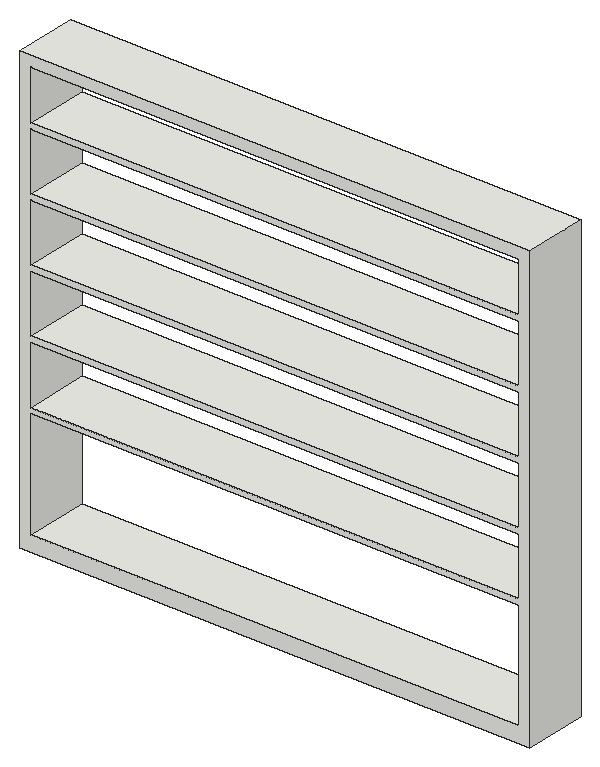
Revit family
Parameters (values of type "2440 x 0305 x 2134mm")
  깊이 = 305.00 mm
  높이 = 2134.00 mm
  재료 = 래미네이티드 플라스틱 - 아이보리색, 무광
  폭 = 2440.00 mm
Types (3, lengths in mm): name | 깊이 | 높이 | 재료 | 폭
  (no name) | 305.00 | 2134.00 | 래미네이티드 플라스틱 - 아이보리색, 무광 | 2440.00
  0915 x 0254 x 1830mm | 254.00 | 1830.00 | 목재 - 자작나무 | 915.00
  2440 x 0305 x 2134mm | 305.00 | 2134.00 | 래미네이티드 플라스틱 - 아이보리색, 무광 | 2440.00
Reference planes
  plane 1: y = -304.8
  plane 2: z = 0
  plane 3: x = 0
  plane 4 "뒤로": y = -152.3
  plane 5 "앞면": y = -457.3
  plane 6 "오른쪽": x = 1220
  plane 7 "왼쪽": x = -1220
  plane 8: z = 2134
  plane 9: x = -1169.2
  plane 10: x = 1169.2
  plane 11: x = -1220
  plane 12: x = 1220
  plane 13: z = 1524.286
  plane 14: z = 914.571
  plane 15: z = 304.857
  plane 16: z = 1829.143
  plane 17: z = 1219.429
  plane 18: z = 609.714
Forms (mm)
  Extrusion 1, solid, material "래미네이티드 플라스틱 - 아이보리색, 무광" <- "재료"
    sketch origin (0, 0, 0) x (1, 0, 0) y (0, 0, 1)
      loop
        line (-1220, 0) -> (1220, 0) -> (1220, 2134) -> (-1220, 2134) -> (-1220, 0)
      loop
        line (-1169.2, 2083.2) -> (-1169.2, 1841.843) -> (1169.2, 1841.843) -> (1169.2, 2083.2) -> (-1169.2, 2083.2)
      loop
        line (-1169.2, 76.2) -> (1169.2, 76.2) -> (1169.2, 597.014) -> (-1169.2, 597.014) -> (-1169.2, 76.2)
      loop
        line (1169.2, 1232.129) -> (1169.2, 1511.586) -> (-1169.2, 1511.586) -> (-1169.2, 1232.129) -> (1169.2, 1232.129)
      loop
        line (-1169.2, 1816.443) -> (-1169.2, 1536.986) -> (1169.2, 1536.986) -> (1169.2, 1816.443) -> (-1169.2, 1816.443)
      loop
        line (-1169.2, 1206.729) -> (-1169.2, 927.271) -> (1169.2, 927.271) -> (1169.2, 1206.729) -> (-1169.2, 1206.729)
      loop
        line (-1169.2, 901.871) -> (-1169.2, 622.414) -> (1169.2, 622.414) -> (1169.2, 901.871) -> (-1169.2, 901.871)
    from 152.3 to 457.3
Lines and regions (mm)
  Masking region 1
    outline origin (0, 0, 0) x (1, 0, 0) y (0, 1, 0)
      loop
        line (-1220, -152.3) -> (-1220, -457.3) -> (1220, -457.3) -> (1220, -152.3) -> (-1220, -152.3)
Dimensions and locks
  locked: plane 11 to plane 9 at 50.8
  plane 8 to Extrusion 1 sketch curve = 50.80 mm
  Extrusion 1 sketch curve to plane 2 = 76.20 mm
  "폭": plane 7 "왼쪽" to plane 6 "오른쪽"
  equal spacing: plane 7 "왼쪽", plane 3, plane 6 "오른쪽"
  equal spacing: plane 4 "뒤로", plane 1, plane 5 "앞면"
  "깊이": plane 4 "뒤로" to plane 5 "앞면"
  "높이": plane 8 to plane 2
  equal spacing: plane 8, plane 16, plane 13, plane 17, plane 14, plane 18, plane 15, plane 2
  locked: Extrusion 1 sketch curve to plane 16 at 12.7
  locked: plane 16 to Extrusion 1 sketch curve at 12.7
  locked: Extrusion 1 sketch curve to plane 13 at 12.7
  locked: plane 13 to Extrusion 1 sketch curve at 12.7
  locked: Extrusion 1 sketch curve to plane 17 at 12.7
  locked: plane 17 to Extrusion 1 sketch curve at 12.7
  locked: Extrusion 1 sketch curve to plane 14 at 12.7
  locked: plane 14 to Extrusion 1 sketch curve at 12.7
  locked: Extrusion 1 sketch curve to plane 18 at 12.7
  locked: plane 18 to Extrusion 1 sketch curve at 12.7
  locked: plane 10 to plane 12 at 50.8
  aligned and locked: Extrusion 1 to plane 5 "앞면"
  aligned and locked: Extrusion 1 sketch curve to plane 11
  aligned and locked: Extrusion 1 sketch curve to plane 12
  aligned and locked: plane 11 to plane 7 "왼쪽"
  aligned and locked: plane 12 to plane 6 "오른쪽"
  aligned and locked: plane 4 "뒤로" to Extrusion 1
  aligned and locked: plane 10 to Extrusion 1 sketch curve  (x4)
  aligned and locked: Extrusion 1 sketch curve to Extrusion 1 sketch curve
  aligned and locked: Masking region 1 sketch curve to plane 4 "뒤로"
  aligned and locked: plane 7 "왼쪽" to Masking region 1 sketch curve
  aligned and locked: plane 5 "앞면" to Masking region 1 sketch curve
  aligned and locked: Masking region 1 sketch curve to plane 6 "오른쪽"
Automatic sketch dimensions
  Extrusion 1 sketch curve to plane 9 = 0.00 mm  (x5)
  Extrusion 1 sketch curve to plane 10 = 0.00 mm  (x2)
  Extrusion 1 sketch curve to level = 0.00 mm
  Extrusion 1 sketch curve to plane 8 = 0.00 mm
